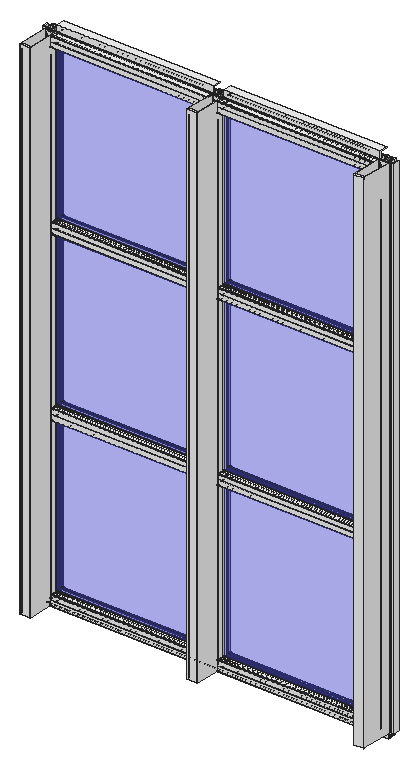
Revit family "Facade_60_Curtain_Wall_E23_Custom", category Windows, host Wall, Revit 2014 (continued)
Definition of nested family "F60 Vertical Profile Side_E23_Cust"
  Automatic sketch dimensions
    plane 3 "Center (Left/Right)" to Extrusion 5 sketch curve = 1.051 mm
    Extrusion 5 sketch curve to Extrusion 5 sketch curve = 0.469 mm  (x2)
    Extrusion 5 sketch curve to Extrusion 5 sketch curve = 1.079 mm
    Extrusion 5 sketch curve to Extrusion 5 sketch curve = 1.317 mm  (x2)
    Extrusion 5 sketch curve to Extrusion 5 sketch curve = 0 mm  (x3)
    plane 3 "Center (Left/Right)" to Extrusion 5 sketch curve = 3.851 mm
    Extrusion 5 sketch curve to Extrusion 5 sketch curve = 0.15 mm  (x2)
    Extrusion 5 sketch curve to Extrusion 5 sketch curve = 26 mm  (x2)
    Extrusion 5 sketch curve to Extrusion 5 sketch curve = 1.05 mm
    plane 1 "Center (Front/Back)" to Extrusion 5 sketch curve = 16.772 mm
    Extrusion 5 sketch curve to Extrusion 5 sketch curve = 0.707 mm
    Extrusion 5 sketch curve to Extrusion 5 sketch curve = 0.433 mm
    plane 1 "Center (Front/Back)" to Extrusion 5 sketch curve = 17.298 mm
    plane 1 "Center (Front/Back)" to Extrusion 5 sketch curve = 14.076 mm
    Extrusion 5 sketch curve to Extrusion 5 sketch curve = 0.5 mm  (x2)
    plane 1 "Center (Front/Back)" to Extrusion 5 sketch curve = 18.761 mm
    Extrusion 5 sketch curve to Extrusion 5 sketch curve = 0.1 mm  (x3)
    Extrusion 5 sketch curve to Extrusion 5 sketch curve = 1.1 mm  (x2)
    Extrusion 5 sketch curve to Extrusion 5 sketch curve = 8.608 mm
    Extrusion 5 sketch curve to Extrusion 5 sketch curve = 0.962 mm
    Extrusion 6 sketch curve to plane 3 "Center (Left/Right)" = 0 mm
    plane 3 "Center (Left/Right)" to Extrusion 6 sketch curve = 1 mm
    plane 3 "Center (Left/Right)" to Extrusion 6 sketch curve = 1.65 mm
    plane 3 "Center (Left/Right)" to Extrusion 6 sketch curve = 1.85 mm
    Extrusion 6 sketch curve to Extrusion 6 sketch curve = 10.317 mm  (x3)
    Extrusion 6 sketch curve to Extrusion 6 sketch curve = 1.833 mm  (x4)
    Extrusion 6 sketch curve to Extrusion 6 sketch curve = 0.02 mm  (x2)
    Extrusion 6 sketch curve to plane 1 "Center (Front/Back)" = 13 mm
    Extrusion 6 sketch curve to Extrusion 6 sketch curve = 31.961 mm
    Extrusion 6 sketch curve to Extrusion 6 sketch curve = 32 mm
    Extrusion 6 sketch curve to Extrusion 6 sketch curve = 0.2 mm  (x5)
    Extrusion 6 sketch curve to Extrusion 6 sketch curve = 0.85 mm
    Extrusion 6 sketch curve to Extrusion 6 sketch curve = 1.65 mm
    Extrusion 6 sketch curve to Extrusion 6 sketch curve = 1 mm  (x8)
    Extrusion 6 sketch curve to Extrusion 6 sketch curve = 1.944 mm
    Extrusion 6 sketch curve to Extrusion 6 sketch curve = 4.656 mm  (x2)
    Extrusion 6 sketch curve to Extrusion 6 sketch curve = 82.1 mm
    Extrusion 6 sketch curve to Extrusion 6 sketch curve = 2.5 mm
    Extrusion 7 sketch curve to plane 3 "Center (Left/Right)" = 0 mm
    Extrusion 7 sketch curve to Extrusion 7 sketch curve = 1 mm  (x3)
    plane 3 "Center (Left/Right)" to Extrusion 7 sketch curve = 1.65 mm
    plane 3 "Center (Left/Right)" to Extrusion 7 sketch curve = 2.35 mm
    Extrusion 7 sketch curve to Extrusion 7 sketch curve = 0.6 mm  (x3)
    Extrusion 7 sketch curve to Extrusion 7 sketch curve = 9.217 mm  (x2)
    Extrusion 7 sketch curve to Extrusion 7 sketch curve = 1.833 mm  (x2)
    Extrusion 7 sketch curve to Extrusion 7 sketch curve = 32 mm
    Extrusion 7 sketch curve to plane 1 "Center (Front/Back)" = 15 mm
    Extrusion 7 sketch curve to Extrusion 7 sketch curve = 54.1 mm
    Extrusion 7 sketch curve to Extrusion 7 sketch curve = 1.3 mm
    Extrusion 7 sketch curve to Extrusion 7 sketch curve = 1.95 mm
    Extrusion 7 sketch curve to Extrusion 7 sketch curve = 1.65 mm
    Extrusion 7 sketch curve to Extrusion 7 sketch curve = 4.987 mm
    Extrusion 7 sketch curve to Extrusion 7 sketch curve = 4.813 mm
    Extrusion 7 sketch curve to Extrusion 7 sketch curve = 4.812 mm
    Extrusion 7 sketch curve to Extrusion 7 sketch curve = 137.5 mm
    Extrusion 7 sketch curve to Extrusion 7 sketch curve = 0.2 mm  (x2)
    Extrusion 7 sketch curve to Extrusion 7 sketch curve = 0.4 mm  (x2)
    Extrusion 7 sketch curve to Extrusion 7 sketch curve = 4.5 mm
    Extrusion 8 sketch curve to plane 3 "Center (Left/Right)" = 0 mm
    Extrusion 8 sketch curve to Extrusion 8 sketch curve = 1 mm  (x3)
    plane 3 "Center (Left/Right)" to Extrusion 8 sketch curve = 1.65 mm
    plane 3 "Center (Left/Right)" to Extrusion 8 sketch curve = 2.75 mm
    Extrusion 8 sketch curve to Extrusion 8 sketch curve = 0.8 mm  (x2)
    Extrusion 8 sketch curve to Extrusion 8 sketch curve = 52.5 mm
    Extrusion 8 sketch curve to plane 1 "Center (Front/Back)" = 15.1 mm
    Extrusion 8 sketch curve to Extrusion 8 sketch curve = 52.9 mm
    Extrusion 8 sketch curve to Extrusion 8 sketch curve = 1.9 mm
    Extrusion 8 sketch curve to Extrusion 8 sketch curve = 2.75 mm
    Extrusion 8 sketch curve to Extrusion 8 sketch curve = 4.444 mm
    Extrusion 8 sketch curve to Extrusion 8 sketch curve = 4.656 mm  (x2)
    Extrusion 8 sketch curve to Extrusion 8 sketch curve = 163.2 mm
    Extrusion 8 sketch curve to Extrusion 8 sketch curve = 9.5 mm
    plane 3 "Center (Left/Right)" to Extrusion 9 sketch curve = 25.249 mm
    Extrusion 9 sketch curve to Extrusion 9 sketch curve = 0.5 mm  (x4)
    Extrusion 9 sketch curve to Extrusion 9 sketch curve = 1.1 mm
    plane 1 "Center (Front/Back)" to Extrusion 9 sketch curve = 11.356 mm  (x2)
    Extrusion 9 sketch curve to Extrusion 9 sketch curve = 0.293 mm  (x2)
    Extrusion 9 sketch curve to Extrusion 9 sketch curve = 1.896 mm
    Extrusion 9 sketch curve to Extrusion 9 sketch curve = 1.922 mm
    Extrusion 9 sketch curve to Extrusion 9 sketch curve = 1 mm  (x2)
    Extrusion 9 sketch curve to Extrusion 9 sketch curve = 0.7 mm
    Extrusion 9 sketch curve to Extrusion 9 sketch curve = 0.808 mm
    Extrusion 9 sketch curve to plane 1 "Center (Front/Back)" = 2.272 mm  (x2)
    Extrusion 9 sketch curve to Extrusion 9 sketch curve = 0.303 mm
    Extrusion 9 sketch curve to plane 1 "Center (Front/Back)" = 1.745 mm
    Extrusion 9 sketch curve to Extrusion 9 sketch curve = 0.356 mm
    plane 1 "Center (Front/Back)" to Extrusion 9 sketch curve = 9.206 mm  (x2)
    Extrusion 9 sketch curve to Extrusion 9 sketch curve = 1.647 mm
    Extrusion 9 sketch curve to Extrusion 9 sketch curve = 0.701 mm
    Extrusion 9 sketch curve to Extrusion 9 sketch curve = 0.992 mm
    Extrusion 9 sketch curve to Extrusion 9 sketch curve = 0.003 mm
    Extrusion 9 sketch curve to Extrusion 9 sketch curve = 0.002 mm
    Extrusion 9 sketch curve to Extrusion 9 sketch curve = 0.004 mm
    Extrusion 9 sketch curve to Extrusion 9 sketch curve = 0.708 mm
    Extrusion 9 sketch curve to plane 1 "Center (Front/Back)" = 1.946 mm
    Extrusion 9 sketch curve to Extrusion 9 sketch curve = 0.899 mm
    Extrusion 9 sketch curve to Extrusion 9 sketch curve = 0.444 mm
    Extrusion 9 sketch curve to Extrusion 9 sketch curve = 3.038 mm
    Extrusion 9 sketch curve to plane 1 "Center (Front/Back)" = 0.385 mm  (x2)
    Extrusion 9 sketch curve to Extrusion 9 sketch curve = 0.756 mm
    Extrusion 9 sketch curve to Extrusion 9 sketch curve = 2.153 mm
    Extrusion 9 sketch curve to Extrusion 9 sketch curve = 0.631 mm
    Extrusion 9 sketch curve to Extrusion 9 sketch curve = 0.807 mm
    Extrusion 9 sketch curve to Extrusion 9 sketch curve = 1.646 mm
    Extrusion 9 sketch curve to Extrusion 9 sketch curve = 0.707 mm
    Extrusion 9 sketch curve to Extrusion 9 sketch curve = 1.393 mm
    Extrusion 9 sketch curve to Extrusion 9 sketch curve = 1.923 mm
    Extrusion 9 sketch curve to Extrusion 9 sketch curve = 11.937 mm
    Extrusion 9 sketch curve to Extrusion 9 sketch curve = 1.6 mm
    Extrusion 9 sketch curve to Extrusion 9 sketch curve = 0.9 mm  (x2)
    Extrusion 9 sketch curve to Extrusion 9 sketch curve = 1.356 mm  (x2)
    Extrusion 9 sketch curve to Extrusion 9 sketch curve = 0.714 mm
    Extrusion 9 sketch curve to Extrusion 9 sketch curve = 0.02 mm
    Extrusion 9 sketch curve to Extrusion 9 sketch curve = 0.399 mm
    Extrusion 9 sketch curve to Extrusion 9 sketch curve = 2.224 mm
    Extrusion 9 sketch curve to Extrusion 9 sketch curve = 0.448 mm
    Extrusion 9 sketch curve to plane 1 "Center (Front/Back)" = 0.198 mm
    Extrusion 9 sketch curve to plane 1 "Center (Front/Back)" = 0.201 mm
    Extrusion 9 sketch curve to Extrusion 9 sketch curve = 0.032 mm
    Extrusion 9 sketch curve to Extrusion 9 sketch curve = 0 mm
    plane 3 "Center (Left/Right)" to Extrusion 10 sketch curve = 1.014 mm
    Extrusion 10 sketch curve to Extrusion 10 sketch curve = 0.469 mm  (x2)
    plane 3 "Center (Left/Right)" to Extrusion 10 sketch curve = 1.706 mm
    Extrusion 10 sketch curve to Extrusion 10 sketch curve = 1.079 mm
    Extrusion 10 sketch curve to Extrusion 10 sketch curve = 0.864 mm
    Extrusion 10 sketch curve to Extrusion 10 sketch curve = 1.15 mm  (x4)
    Extrusion 10 sketch curve to Extrusion 10 sketch curve = 3.2 mm  (x2)
    Extrusion 10 sketch curve to Extrusion 10 sketch curve = 3.031 mm  (x2)
    Extrusion 10 sketch curve to Extrusion 10 sketch curve = 0.6 mm  (x3)
    Extrusion 10 sketch curve to Extrusion 10 sketch curve = 15.584 mm  (x2)
    Extrusion 10 sketch curve to Extrusion 10 sketch curve = 0.808 mm  (x2)
    Extrusion 10 sketch curve to Extrusion 10 sketch curve = 3.038 mm
    Extrusion 10 sketch curve to Extrusion 10 sketch curve = 0.865 mm
    Extrusion 10 sketch curve to Extrusion 10 sketch curve = 1.25 mm  (x5)
    Extrusion 10 sketch curve to Extrusion 10 sketch curve = 0.61 mm
    plane 1 "Center (Front/Back)" to Extrusion 10 sketch curve = 31.288 mm
    Extrusion 10 sketch curve to Extrusion 10 sketch curve = 0.362 mm
    plane 1 "Center (Front/Back)" to Extrusion 10 sketch curve = 31.65 mm
    Extrusion 10 sketch curve to Extrusion 10 sketch curve = 0.962 mm
    Extrusion 10 sketch curve to Extrusion 10 sketch curve = 0.85 mm
    Extrusion 10 sketch curve to Extrusion 10 sketch curve = 0.512 mm  (x2)
    Extrusion 10 sketch curve to Extrusion 10 sketch curve = 0.4 mm  (x2)
    Extrusion 10 sketch curve to Extrusion 10 sketch curve = 1 mm
    Extrusion 10 sketch curve to Extrusion 10 sketch curve = 2.8 mm
    Extrusion 10 sketch curve to Extrusion 10 sketch curve = 0 mm  (x2)
    Extrusion 10 sketch curve to Extrusion 10 sketch curve = 1.4 mm
    Extrusion 10 sketch curve to Extrusion 10 sketch curve = 0.539 mm  (x2)
    plane 1 "Center (Front/Back)" to Extrusion 10 sketch curve = 28.864 mm
    Extrusion 11 sketch curve to plane 3 "Center (Left/Right)" = 0 mm
    plane 3 "Center (Left/Right)" to Extrusion 11 sketch curve = 0.65 mm
    Extrusion 11 sketch curve to Extrusion 11 sketch curve = 0.128 mm  (x2)
    plane 3 "Center (Left/Right)" to Extrusion 11 sketch curve = 1.014 mm
    plane 3 "Center (Left/Right)" to Extrusion 11 sketch curve = 1.05 mm
    Extrusion 11 sketch curve to Extrusion 11 sketch curve = 0.469 mm  (x2)
    Extrusion 11 sketch curve to Extrusion 11 sketch curve = 1.079 mm
    Extrusion 11 sketch curve to Extrusion 11 sketch curve = 1.317 mm  (x2)
    Extrusion 11 sketch curve to Extrusion 11 sketch curve = 0 mm  (x3)
    plane 3 "Center (Left/Right)" to Extrusion 11 sketch curve = 3.85 mm
    Extrusion 11 sketch curve to Extrusion 11 sketch curve = 0.15 mm  (x2)
    Extrusion 11 sketch curve to Extrusion 11 sketch curve = 26 mm  (x2)
    Extrusion 11 sketch curve to Extrusion 11 sketch curve = 1.05 mm
    Extrusion 11 sketch curve to Extrusion 11 sketch curve = 0.707 mm
    Extrusion 11 sketch curve to Extrusion 11 sketch curve = 0.433 mm
    plane 1 "Center (Front/Back)" to Extrusion 11 sketch curve = 31.288 mm
    plane 1 "Center (Front/Back)" to Extrusion 11 sketch curve = 28.065 mm
    Extrusion 11 sketch curve to Extrusion 11 sketch curve = 1.314 mm
    Extrusion 11 sketch curve to Extrusion 11 sketch curve = 0.65 mm
    Extrusion 11 sketch curve to Extrusion 11 sketch curve = 0.5 mm  (x2)
    plane 1 "Center (Front/Back)" to Extrusion 11 sketch curve = 32.75 mm
    Extrusion 11 sketch curve to Extrusion 11 sketch curve = 0.1 mm  (x3)
    Extrusion 11 sketch curve to Extrusion 11 sketch curve = 1.1 mm  (x2)
    Extrusion 11 sketch curve to Extrusion 11 sketch curve = 8.608 mm
    Extrusion 11 sketch curve to Extrusion 11 sketch curve = 0.962 mm
    Extrusion 12 sketch curve to plane 3 "Center (Left/Right)" = 21.349 mm
    Extrusion 12 sketch curve to Extrusion 12 sketch curve = 6.35 mm
    plane 3 "Center (Left/Right)" to Extrusion 12 sketch curve = 10.403 mm
    plane 1 "Center (Front/Back)" to Extrusion 12 sketch curve = 35.567 mm
    plane 1 "Center (Front/Back)" to Extrusion 12 sketch curve = 10.171 mm
    plane 1 "Center (Front/Back)" to Extrusion 12 sketch curve = 3.821 mm
    Extrusion 13 sketch curve to plane 3 "Center (Left/Right)" = 21.35 mm
    Extrusion 13 sketch curve to Extrusion 13 sketch curve = 6.35 mm
    plane 3 "Center (Left/Right)" to Extrusion 13 sketch curve = 10.402 mm
    plane 1 "Center (Front/Back)" to Extrusion 13 sketch curve = 33.172 mm
    plane 1 "Center (Front/Back)" to Extrusion 13 sketch curve = 7.775 mm
    plane 1 "Center (Front/Back)" to Extrusion 13 sketch curve = 1.425 mm
    Extrusion 14 sketch curve to plane 3 "Center (Left/Right)" = 0 mm
    plane 3 "Center (Left/Right)" to Extrusion 14 sketch curve = 1.2 mm
    Extrusion 14 sketch curve to Extrusion 14 sketch curve = 9.6 mm
    Extrusion 14 sketch curve to Extrusion 14 sketch curve = 1.2 mm  (x3)
    plane 1 "Center (Front/Back)" to Extrusion 14 sketch curve = 25.775 mm
    plane 1 "Center (Front/Back)" to Extrusion 14 sketch curve = 8.975 mm
    curve 4 to Extrusion 6 = 0 mm
    curve 3 to Extrusion 6 = 0 mm
    curve 1 to Extrusion 6 = 0 mm
    curve 4 to Extrusion 6 = 3.6 mm
    curve 3 to Extrusion 6 = 3.6 mm
    curve 1 to Extrusion 6 = 3.6 mm
    Extrusion 6 to curve 2 = 1 mm
    Extrusion 6 to curve 5 = 1 mm
    Extrusion 6 to curve 6 = 1 mm
    curve 6 to Extrusion 6 = 1 mm
    curve 5 to Extrusion 6 = 1 mm
    curve 2 to Extrusion 6 = 1 mm
    curve 9 to Extrusion 6 = 0 mm
    curve 8 to Extrusion 6 = 0 mm
    curve 7 to Extrusion 6 = 0 mm
    Extrusion 6 to curve 8 = 3.6 mm
    Extrusion 6 to curve 9 = 3.6 mm
    Extrusion 6 to curve 7 = 3.6 mm
    curve 12 to Extrusion 5 = 25.894 mm
    curve 11 to Extrusion 5 = 25.894 mm
    curve 10 to Extrusion 5 = 25.894 mm
    curve 10 to Extrusion 5 = 0.108 mm
    Extrusion 5 to curve 12 = 0.703 mm
    Extrusion 5 to curve 11 = 0.703 mm
    curve 13 to Extrusion 5 = 4 mm
    curve 14 to Extrusion 5 = 4 mm
    curve 15 to Extrusion 5 = 4 mm
    Extrusion 5 to curve 15 = 0.702 mm
    Extrusion 5 to curve 14 = 0.702 mm
    Extrusion 5 to curve 13 = 0.702 mm
    curve 18 to Extrusion 7 = 0 mm
    curve 17 to Extrusion 7 = 0 mm
    curve 16 to Extrusion 7 = 0 mm
    Extrusion 7 to curve 17 = 3.6 mm
    Extrusion 7 to curve 18 = 3.6 mm
    Extrusion 7 to curve 16 = 3.6 mm
    Extrusion 7 to curve 21 = 1 mm  (x2)
    Extrusion 7 to curve 20 = 1 mm  (x2)
    Extrusion 7 to curve 19 = 1 mm  (x2)
    curve 24 to Extrusion 7 = 0 mm
    curve 23 to Extrusion 7 = 0 mm
    curve 22 to Extrusion 7 = 0 mm
    curve 24 to Extrusion 7 = 3.6 mm
    curve 23 to Extrusion 7 = 3.6 mm
    curve 22 to Extrusion 7 = 3.6 mm
    curve 27 to Extrusion 8 = 0 mm
    curve 26 to Extrusion 8 = 0 mm
    curve 25 to Extrusion 8 = 0 mm
    Extrusion 8 to curve 26 = 3.6 mm
    Extrusion 8 to curve 27 = 3.6 mm
    Extrusion 8 to curve 25 = 3.6 mm
    Extrusion 8 to curve 30 = 0.221 mm
    Extrusion 8 to curve 29 = 0.221 mm
    Extrusion 8 to curve 28 = 0.221 mm
    curve 29 to Extrusion 8 = 0.222 mm
    curve 30 to Extrusion 8 = 0.222 mm
    curve 28 to Extrusion 8 = 0.222 mm
    curve 33 to Extrusion 8 = 0 mm
    curve 32 to Extrusion 8 = 0 mm
    curve 31 to Extrusion 8 = 0 mm
    curve 33 to Extrusion 8 = 3.6 mm
    curve 32 to Extrusion 8 = 3.6 mm
    curve 31 to Extrusion 8 = 3.6 mm
    curve 34 to Extrusion 11 = 4.016 mm
    curve 35 to Extrusion 11 = 4.016 mm
    curve 36 to Extrusion 11 = 3.97 mm
    Extrusion 11 to curve 36 = 0.637 mm
    Extrusion 11 to curve 35 = 0.637 mm
    Extrusion 11 to curve 34 = 0.637 mm
    curve 37 to Extrusion 11 = 29.221 mm
    curve 38 to Extrusion 11 = 29.221 mm
    curve 39 to Extrusion 11 = 29.221 mm
    Extrusion 11 to curve 39 = 3.222 mm
    Extrusion 11 to curve 38 = 3.222 mm
    Extrusion 11 to curve 37 = 3.222 mm
Definition of nested family "F60 Horizontal Profile Top_E23_Cust"
  Parameters (values of type "F60 Horizontal Profile Top")
    Thermal Break Material [instance] = none
    Single Glazing [instance] = yes
    Profile Material [instance] = none
    Length [instance] = 250 mm
    Double Glazing [instance] = yes
  Reference planes
    plane 1 "Center (Front/Back)": y = 0
    plane 2: z = 0
    plane 3 "Center (Left/Right)": x = 0
  Forms (mm)
    Extrusion 1, solid, material <- "Profile Material"
      sketch origin (0, 0, 0) x (0, 1, 0) y (0, 0, 1)
        loop
          line (-9.94, 7.845) -> (-8.37, 6.275) -> (-1.2, 10.415) -> (-1.2, 1.2) -> (-5, 1.2) -> (-5, 0) -> (-1, 0)
          arc (-1, 0) -> (-0.293, 0.293) -> (0, 1) r 1
          line (0, 1) -> (0, 30) -> (0, 59)
          arc (0, 59) -> (-0.293, 59.707) -> (-1, 60) r 1
          line (-1, 60) -> (-5, 60) -> (-5, 58.8) -> (-1.2, 58.8) -> (-1.2, 49.585) -> (-8.37, 53.725) -> (-9.94, 52.155)
          arc (-9.94, 52.155) -> (-9.902, 51.269) -> (-9.016, 51.232) r 0.655
          line (-9.016, 51.232) -> (-8.077, 52.17) -> (-1.2, 48.2) -> (-1.2, 30) -> (-1.2, 11.8) -> (-8.077, 7.83) -> (-9.016, 8.768)
          arc (-9.016, 8.768) -> (-9.902, 8.731) -> (-9.94, 7.845) r 0.655
      from 0 to 250 <- "Length"
    Extrusion 2, solid, material <- "Profile Material"
      sketch origin (0, 0, 0) x (0, 1, 0) y (0, 0, 1)
        loop
          line (-5, 60) -> (-44.6, 60) -> (-44.6, 58.35) -> (-39.944, 58.35) -> (-39.944, 1.65) -> (-44.6, 1.65) -> (-44.6, 0) -> (-5, 0) -> (-5, 2.2) -> (-4.2, 2.2) -> (-4.2, 3.018)
          arc (-4.2, 3.018) -> (-4.352, 3.783) -> (-4.786, 4.432) r 2
          line (-4.786, 4.432) -> (-7.054, 6.7) -> (-8, 6.489) -> (-8, 5.7) -> (-7.205, 5.7) -> (-7.205, 2.95) -> (-8, 2.95) -> (-8, 1.95) -> (-12.752, 1.95) -> (-12.752, 6.7) -> (-14.152, 6.7) -> (-14.152, 1.65) -> (-38.65, 1.65) -> (-38.65, 8.33) -> (-37.097, 8.33) -> (-34.666, 6.973)
          arc (-34.666, 6.973) -> (-33.846, 7.192) -> (-34.066, 8.012) r 0.6
          line (-34.066, 8.012) -> (-37.128, 9.78) -> (-38.65, 9.78) -> (-38.65, 12.65) -> (-37.6, 13.7) -> (-37.6, 20.3) -> (-38.65, 21.35) -> (-38.65, 38.65) -> (-37.6, 39.7) -> (-37.6, 46.3) -> (-38.65, 47.35) -> (-38.65, 50.22) -> (-37.128, 50.22) -> (-34.066, 51.988)
          arc (-34.066, 51.988) -> (-33.846, 52.808) -> (-34.666, 53.027) r 0.6
          line (-34.666, 53.027) -> (-37.032, 51.661) -> (-38.65, 51.661) -> (-38.65, 58.35) -> (-14.152, 58.35) -> (-14.152, 53.3) -> (-12.752, 53.3) -> (-12.752, 58.05) -> (-8, 58.05) -> (-8, 57.05) -> (-7.205, 57.05) -> (-7.205, 54.3) -> (-8, 54.3) -> (-8, 53.511) -> (-7.054, 53.3) -> (-4.786, 55.568)
          arc (-4.786, 55.568) -> (-4.352, 56.217) -> (-4.2, 56.982) r 2
          line (-4.2, 56.982) -> (-4.2, 57.8) -> (-5, 57.8) -> (-5, 60)
      from 0 to 250 <- "Length"
    Extrusion 3, solid, material <- "Thermal Break Material"
      sketch origin (0, 0, 0) x (0, 1, 0) y (0, 0, 1)
        loop
          line (-40, 1.75) -> (-40, 30) -> (-40, 58.25) -> (-44.6, 58.25) -> (-44.6, 60) -> (-45.9, 60) -> (-45.9, 53.65) -> (-41.788, 53.65)
          arc (-41.788, 53.65) -> (-41.363, 53.474) -> (-41.187, 53.05) r 0.6
          line (-41.187, 53.05) -> (-41.187, 30) -> (-41.187, 6.95)
          arc (-41.187, 6.95) -> (-41.363, 6.526) -> (-41.788, 6.35) r 0.6
          line (-41.788, 6.35) -> (-45.9, 6.35) -> (-45.9, 0) -> (-44.6, 0) -> (-44.6, 1.75) -> (-40, 1.75)
      from 0 to 250 <- "Length"
    Extrusion 4, solid, material <- "Profile Material"
      sketch origin (0, 0, 0) x (0, 1, 0) y (0, 0, 1)
        loop
          line (-58.5, 25.249) -> (-43.6, 25.249)
          arc (-43.6, 25.249) -> (-43.034, 25.015) -> (-42.8, 24.449) r 0.8
          line (-42.8, 24.449) -> (-42.8, 7.9) -> (-44.4, 7.9) -> (-44.4, 9.45) -> (-45.25, 9.45)
          arc (-45.25, 9.45) -> (-45.674, 9.274) -> (-45.85, 8.85) r 0.6
          line (-45.85, 8.85) -> (-45.85, 7.9) -> (-48.8, 7.9)
          arc (-48.8, 7.9) -> (-49.3, 8.4) -> (-49.8, 7.9) r 0.5
          line (-49.8, 7.9) -> (-49.8, 5.55) -> (-48.65, 5.55) -> (-48.65, 6.7) -> (-47.35, 6.7) -> (-47.35, 1.2) -> (-48.65, 1.2) -> (-48.65, 2.35) -> (-49.8, 2.35) -> (-49.8, 0.5)
          arc (-49.8, 0.5) -> (-49.654, 0.146) -> (-49.3, 0) r 0.5
          line (-49.3, 0) -> (-45.9, 0) -> (-45.9, 6.45) -> (-42.2, 6.45)
          arc (-42.2, 6.45) -> (-41.634, 6.684) -> (-41.4, 7.25) r 0.8
          line (-41.4, 7.25) -> (-41.4, 30) -> (-41.4, 52.75)
          arc (-41.4, 52.75) -> (-41.634, 53.316) -> (-42.2, 53.55) r 0.8
          line (-42.2, 53.55) -> (-45.9, 53.55) -> (-45.9, 60) -> (-49.3, 60)
          arc (-49.3, 60) -> (-49.654, 59.854) -> (-49.8, 59.5) r 0.5
          line (-49.8, 59.5) -> (-49.8, 57.65) -> (-48.65, 57.65) -> (-48.65, 58.8) -> (-47.35, 58.8) -> (-47.35, 53.3) -> (-48.65, 53.3) -> (-48.65, 54.45) -> (-49.8, 54.45) -> (-49.8, 52.1)
          arc (-49.8, 52.1) -> (-49.3, 51.6) -> (-48.8, 52.1) r 0.5
          line (-48.8, 52.1) -> (-45.85, 52.1) -> (-45.85, 51.15)
          arc (-45.85, 51.15) -> (-45.674, 50.726) -> (-45.25, 50.55) r 0.6
          line (-45.25, 50.55) -> (-44.4, 50.55) -> (-44.4, 52.1) -> (-42.8, 52.1) -> (-42.8, 35.551)
          arc (-42.8, 35.551) -> (-43.034, 34.985) -> (-43.6, 34.751) r 0.8
          line (-43.6, 34.751) -> (-58.5, 34.751)
          arc (-58.5, 34.751) -> (-59.066, 34.516) -> (-59.3, 33.951) r 0.8
          line (-59.3, 33.951) -> (-59.3, 32.902) -> (-42.8, 32.902) -> (-42.8, 27.1) -> (-59.3, 27.1) -> (-59.3, 26.049)
          arc (-59.3, 26.049) -> (-59.066, 25.484) -> (-58.5, 25.249) r 0.8
      from 0 to 250 <- "Length"
    Extrusion 5, solid, material <- "Thermal Break Material", visible <- "Single Glazing"
      sketch origin (0, 0, 0) x (0, 1, 0) y (0, 0, 1)
        loop
          arc (-63.8, 25.751) -> (-63.654, 25.397) -> (-63.3, 25.251) r 0.5
          line (-63.3, 25.251) -> (-59.8, 25.251)
          arc (-59.8, 25.251) -> (-59.446, 25.397) -> (-59.3, 25.751) r 0.5
          line (-59.3, 25.751) -> (-59.3, 27.648) -> (-49.599, 27.648) -> (-47.528, 28.651)
          arc (-47.528, 28.651) -> (-46.803, 30.001) -> (-47.528, 31.351) r 1.62
          line (-47.528, 31.351) -> (-49.599, 32.353) -> (-59.3, 32.353) -> (-59.3, 34.251)
          arc (-59.3, 34.251) -> (-59.446, 34.604) -> (-59.8, 34.751) r 0.5
          line (-59.8, 34.751) -> (-63.3, 34.751)
          arc (-63.3, 34.751) -> (-63.654, 34.604) -> (-63.8, 34.251) r 0.5
          line (-63.8, 34.251) -> (-63.8, 32.328) -> (-62.4, 31.52) -> (-62.4, 28.483) -> (-63.8, 27.673) -> (-63.8, 25.751)
        loop
          line (-59.794, 28.506) -> (-59.006, 29.294)
          arc (-59.006, 29.294) -> (-58.788, 29.618) -> (-58.713, 30.001) r 0.986
          arc (-58.713, 30.001) -> (-58.79, 30.384) -> (-59.008, 30.71) r 1.007
          line (-59.008, 30.71) -> (-59.794, 31.496) -> (-60.65, 31.496)
          arc (-60.65, 31.496) -> (-61.004, 31.349) -> (-61.15, 30.996) r 0.5
          line (-61.15, 30.996) -> (-61.15, 29.006)
          arc (-61.15, 29.006) -> (-61.004, 28.652) -> (-60.65, 28.506) r 0.5
          line (-60.65, 28.506) -> (-59.794, 28.506)
        loop
          line (-47.854, 30.898) -> (-49.415, 31.653) -> (-56.782, 31.653)
          arc (-56.782, 31.653) -> (-57.207, 31.417) -> (-57.23, 30.932) r 0.5
          arc (-57.23, 30.932) -> (-57.013, 30.001) -> (-57.23, 29.07) r 2.099
          arc (-57.23, 29.07) -> (-57.207, 28.584) -> (-56.782, 28.348) r 0.5
          line (-56.782, 28.348) -> (-49.415, 28.348) -> (-48.055, 29.007)
          arc (-48.055, 29.007) -> (-47.35, 29.888) -> (-47.854, 30.898) r 1.047
      from 0 to 250 <- "Length"
    Extrusion 6, solid, material <- "Profile Material", visible <- "Single Glazing"
      sketch origin (0, 0, 0) x (0, 1, 0) y (0, 0, 1)
        loop
          line (-63.8, 52.694) -> (-64.8, 52.694) -> (-64.8, 51.544) -> (-66.05, 51.544) -> (-66.05, 57.044) -> (-64.8, 57.044) -> (-64.8, 55.894) -> (-63.8, 55.894) -> (-63.8, 58.294)
          arc (-63.8, 58.294) -> (-64.082, 58.803) -> (-64.664, 58.835) r 0.6
          line (-64.664, 58.835) -> (-66.562, 57.91) -> (-67.088, 58.988) -> (-68.05, 58.519) -> (-68.05, 48.513)
          arc (-68.05, 48.513) -> (-67.874, 48.089) -> (-67.45, 47.913) r 0.6
          line (-67.45, 47.913) -> (-66.6, 47.913) -> (-66.6, 12.09) -> (-67.45, 12.09)
          arc (-67.45, 12.09) -> (-67.874, 11.914) -> (-68.05, 11.49) r 0.6
          line (-68.05, 11.49) -> (-68.05, 1.485) -> (-67.088, 1.016) -> (-66.562, 2.095) -> (-64.663, 1.169)
          arc (-64.663, 1.169) -> (-64.082, 1.2) -> (-63.8, 1.709) r 0.6
          line (-63.8, 1.709) -> (-63.8, 4.109) -> (-64.8, 4.109) -> (-64.8, 2.959) -> (-66.05, 2.959) -> (-66.05, 8.459) -> (-64.8, 8.459) -> (-64.8, 7.309) -> (-63.8, 7.309) -> (-63.8, 27.674) -> (-62.4, 28.483) -> (-62.4, 31.521) -> (-63.8, 32.329) -> (-63.8, 52.694)
      from 0 to 250 <- "Length"
    Extrusion 7, solid, material <- "Profile Material", visible <- "Single Glazing"
      sketch origin (0, 0, 0) x (0, 1, 0) y (0, 0, 1)
        loop
          line (-68.551, 3.3) -> (-76.559, 3.3) -> (-76.559, 30) -> (-76.559, 56.15)
          arc (-76.559, 56.15) -> (-75.739, 58.13) -> (-73.759, 58.95) r 2.8
          line (-73.759, 58.95) -> (-69.151, 58.95) -> (-69.151, 57.2)
          arc (-69.151, 57.2) -> (-68.987, 56.829) -> (-68.601, 56.703) r 0.5
          arc (-68.601, 56.703) -> (-68.216, 56.829) -> (-68.051, 57.2) r 0.5
          line (-68.051, 57.2) -> (-68.051, 58.517) -> (-67.089, 58.986) -> (-66.563, 57.907) -> (-63.866, 59.222)
          arc (-63.866, 59.222) -> (-64.001, 59.762) -> (-64.504, 60) r 0.65
          line (-64.504, 60) -> (-73.859, 60)
          arc (-73.859, 60) -> (-76.687, 58.828) -> (-77.859, 56) r 4
          line (-77.859, 56) -> (-77.859, 30) -> (-77.859, 2.493)
          arc (-77.859, 2.493) -> (-77.197, 0.799) -> (-75.562, 0.002) r 2.5
          arc (-75.562, 0.002) -> (-75.182, 0.132) -> (-75.021, 0.5) r 0.5
          line (-75.021, 0.5) -> (-75.021, 2) -> (-69.151, 2) -> (-69.151, 0.5)
          arc (-69.151, 0.5) -> (-69.005, 0.146) -> (-68.651, 0) r 0.5
          line (-68.651, 0) -> (-64.504, 0)
          arc (-64.504, 0) -> (-64.001, 0.238) -> (-63.866, 0.778) r 0.65
          line (-63.866, 0.778) -> (-66.563, 2.093) -> (-67.089, 1.014) -> (-68.051, 1.483) -> (-68.051, 2.8)
          arc (-68.051, 2.8) -> (-68.198, 3.154) -> (-68.551, 3.3) r 0.5
      from 0 to 250 <- "Length"
    Extrusion 8, solid, material <- "Thermal Break Material", visible <- "Double Glazing"
      sketch origin (0, 0, 0) x (0, 1, 0) y (0, 0, 1)
        loop
          line (-77.8, 27.673) -> (-77.8, 25.751)
          arc (-77.8, 25.751) -> (-77.654, 25.397) -> (-77.3, 25.251) r 0.5
          line (-77.3, 25.251) -> (-59.8, 25.251)
          arc (-59.8, 25.251) -> (-59.446, 25.397) -> (-59.3, 25.751) r 0.5
          line (-59.3, 25.751) -> (-59.3, 27.647) -> (-49.599, 27.647) -> (-47.528, 28.649)
          arc (-47.528, 28.649) -> (-46.803, 29.999) -> (-47.528, 31.349) r 1.62
          line (-47.528, 31.349) -> (-49.602, 32.353) -> (-59.3, 32.353) -> (-59.3, 34.251)
          arc (-59.3, 34.251) -> (-59.446, 34.604) -> (-59.8, 34.751) r 0.5
          line (-59.8, 34.751) -> (-77.3, 34.751)
          arc (-77.3, 34.751) -> (-77.654, 34.604) -> (-77.8, 34.251) r 0.5
          line (-77.8, 34.251) -> (-77.8, 32.327) -> (-76.4, 31.52) -> (-76.4, 28.482) -> (-77.8, 27.673)
        loop
          line (-59.006, 30.708) -> (-61.156, 32.858)
          arc (-61.156, 32.858) -> (-61.48, 33.074) -> (-61.863, 33.151) r 1
          line (-61.863, 33.151) -> (-73.8, 33.151)
          arc (-73.8, 33.151) -> (-74.507, 32.858) -> (-74.8, 32.151) r 1
          line (-74.8, 32.151) -> (-74.8, 27.851)
          arc (-74.8, 27.851) -> (-74.507, 27.144) -> (-73.8, 26.851) r 1
          line (-73.8, 26.851) -> (-61.863, 26.851)
          arc (-61.863, 26.851) -> (-61.48, 26.927) -> (-61.156, 27.144) r 1
          line (-61.156, 27.144) -> (-59.006, 29.294)
          arc (-59.006, 29.294) -> (-58.788, 29.618) -> (-58.713, 30.001) r 0.986
          arc (-58.713, 30.001) -> (-58.79, 30.383) -> (-59.006, 30.708) r 1.007
        loop
          line (-56.782, 28.347) -> (-49.415, 28.347) -> (-48.055, 29.005)
          arc (-48.055, 29.005) -> (-47.35, 29.887) -> (-47.854, 30.896) r 1.047
          line (-47.854, 30.896) -> (-49.415, 31.652) -> (-56.782, 31.652)
          arc (-56.782, 31.652) -> (-57.207, 31.416) -> (-57.23, 30.93) r 0.5
          arc (-57.23, 30.93) -> (-57.013, 29.999) -> (-57.23, 29.068) r 2.099
          arc (-57.23, 29.068) -> (-57.207, 28.583) -> (-56.782, 28.347) r 0.5
      from 0 to 250 <- "Length"
    Extrusion 9, solid, material <- "Profile Material", visible <- "Double Glazing"
      sketch origin (0, 0, 0) x (0, 1, 0) y (0, 0, 1)
        loop
          line (-77.8, 52.694) -> (-78.8, 52.694) -> (-78.8, 51.544) -> (-80.05, 51.544) -> (-80.05, 57.044) -> (-78.8, 57.044) -> (-78.8, 55.894) -> (-77.8, 55.894) -> (-77.8, 58.294)
          arc (-77.8, 58.294) -> (-78.082, 58.802) -> (-78.664, 58.834) r 0.6
          line (-78.664, 58.834) -> (-80.562, 57.909) -> (-81.088, 58.988) -> (-82.05, 58.518) -> (-82.05, 48.512)
          arc (-82.05, 48.512) -> (-81.874, 48.088) -> (-81.45, 47.912) r 0.6
          line (-81.45, 47.912) -> (-80.6, 47.912) -> (-80.6, 12.089) -> (-81.45, 12.089)
          arc (-81.45, 12.089) -> (-81.874, 11.913) -> (-82.05, 11.489) r 0.6
          line (-82.05, 11.489) -> (-82.05, 1.484) -> (-81.088, 1.015) -> (-80.562, 2.094) -> (-78.663, 1.169)
          arc (-78.663, 1.169) -> (-78.082, 1.199) -> (-77.8, 1.708) r 0.6
          line (-77.8, 1.708) -> (-77.8, 4.108) -> (-78.8, 4.108) -> (-78.8, 2.958) -> (-80.05, 2.958) -> (-80.05, 8.458) -> (-78.8, 8.458) -> (-78.8, 7.308) -> (-77.8, 7.308) -> (-77.8, 27.673) -> (-76.4, 28.482) -> (-76.4, 31.52) -> (-77.8, 32.328) -> (-77.8, 52.694)
      from 0 to 250 <- "Length"
    Extrusion 10, solid, material <- "Profile Material", visible <- "Double Glazing"
      sketch origin (0, 0, 0) x (0, 1, 0) y (0, 0, 1)
        loop
          line (-82.551, 3.3) -> (-90.558, 3.3) -> (-90.558, 30) -> (-90.558, 56.15)
          arc (-90.558, 56.15) -> (-89.738, 58.13) -> (-87.758, 58.95) r 2.8
          line (-87.758, 58.95) -> (-83.151, 58.95) -> (-83.151, 57.2)
          arc (-83.151, 57.2) -> (-82.986, 56.829) -> (-82.601, 56.703) r 0.5
          arc (-82.601, 56.703) -> (-82.215, 56.829) -> (-82.051, 57.2) r 0.5
          line (-82.051, 57.2) -> (-82.051, 58.517) -> (-81.088, 58.986) -> (-80.563, 57.907) -> (-77.866, 59.222)
          arc (-77.866, 59.222) -> (-78, 59.762) -> (-78.503, 60) r 0.65
          line (-78.503, 60) -> (-87.858, 60)
          arc (-87.858, 60) -> (-90.687, 58.828) -> (-91.858, 56) r 4
          line (-91.858, 56) -> (-91.858, 30) -> (-91.858, 2.493)
          arc (-91.858, 2.493) -> (-91.196, 0.799) -> (-89.561, 0.002) r 2.5
          arc (-89.561, 0.002) -> (-89.182, 0.132) -> (-89.021, 0.5) r 0.5
          line (-89.021, 0.5) -> (-89.021, 2) -> (-83.151, 2) -> (-83.151, 0.5)
          arc (-83.151, 0.5) -> (-83.004, 0.146) -> (-82.651, 0) r 0.5
          line (-82.651, 0) -> (-78.503, 0)
          arc (-78.503, 0) -> (-78, 0.238) -> (-77.866, 0.778) r 0.65
          line (-77.866, 0.778) -> (-80.563, 2.093) -> (-81.088, 1.014) -> (-82.051, 1.483) -> (-82.051, 2.8)
          arc (-82.051, 2.8) -> (-82.197, 3.154) -> (-82.551, 3.3) r 0.5
      from 0 to 250 <- "Length"
    Extrusion 11, solid, material <- "Profile Material", visible <- "Double Glazing"
      sketch origin (0, 0, 0) x (0, 1, 0) y (0, 0, 1)
        loop
          line (-57.8, 45.73) -> (-51.8, 45.73) -> (-51.8, 95.73) -> (-101.8, 95.73) -> (-101.8, 89.73) -> (-57.8, 89.73) -> (-57.8, 45.73)
      from 0 to 250 <- "Length"
    Extrusion 12, solid, material <- "Profile Material", visible <- "Double Glazing"
      sketch origin (0, 0, 0) x (0, 1, 0) y (0, 0, 1)
        loop
          line (-75.8, 48) -> (-57.8, 48) -> (-57.8, 60) -> (-75.8, 60) -> (-75.8, 48)
        loop
          line (-74.6, 49.2) -> (-59, 49.2) -> (-59, 58.8) -> (-74.6, 58.8) -> (-74.6, 49.2)
      from 0 to 250 <- "Length"
    Extrusion 13, solid, material <- "Profile Material", visible <- "Single Glazing"
      sketch origin (0, 0, 0) x (0, 1, 0) y (0, 0, 1)
        loop
          line (-59.8, 45.865) -> (-53.8, 45.865) -> (-53.8, 95.865) -> (-103.8, 95.865) -> (-103.8, 89.865) -> (-59.8, 89.865) -> (-59.8, 45.865)
      from 0 to 250 <- "Length"
  Dimensions and locks
    aligned and locked: level to plane 2
Definition of nested family "F60 Sill_E23_Cust"
  Parameters (values of type "F60 Sill")
    Profile Material [instance] = none
    Length Sill [instance] = 250 mm
  Reference planes
    plane 1 "Center (Front/Back)": y = 0
    plane 2: z = 0
    plane 3 "Center (Left/Right)": x = 0
  Forms (mm)
    Extrusion 1, solid, material <- "Profile Material"
      sketch origin (0, 0, 0) x (0, 1, 0) y (0, 0, 1)
        loop
          line (-42.734, 5.324) -> (-48.256, 4.643)
          arc (-48.256, 4.643) -> (-49.196, 4.147) -> (-49.572, 3.154) r 1.5
          line (-49.572, 3.154) -> (-49.572, 1.88) -> (-47.772, 1.88) -> (-47.772, 3.191) -> (-19.233, 6.714)
          arc (-19.233, 6.714) -> (-17.924, 7.083) -> (-16.785, 7.826) r 4.5
          line (-16.785, 7.826) -> (-16.785, 1.88) -> (-15.285, 1.88) -> (-15.285, 24.58)
          arc (-15.285, 24.58) -> (-15.109, 25.004) -> (-14.685, 25.18) r 0.6
          line (-14.685, 25.18) -> (-4.072, 25.18) -> (-4.072, 1.88) -> (-2.572, 1.88) -> (-2.572, 29.88) -> (-4.072, 29.88) -> (-4.072, 28.88) -> (-5.222, 28.88) -> (-5.222, 27.68) -> (-4.072, 27.68) -> (-4.072, 26.38) -> (-9.572, 26.38) -> (-9.572, 27.68) -> (-8.422, 27.68) -> (-8.422, 28.88) -> (-10.172, 28.88)
          arc (-10.172, 28.88) -> (-10.597, 28.704) -> (-10.772, 28.28) r 0.6
          line (-10.772, 28.28) -> (-10.772, 26.38) -> (-15.285, 26.38)
          arc (-15.285, 26.38) -> (-16.345, 25.941) -> (-16.785, 24.88) r 1.5
          line (-16.785, 24.88) -> (-16.785, 11.18)
          arc (-16.785, 11.18) -> (-17.537, 9.193) -> (-19.417, 8.203) r 3
          line (-19.417, 8.203) -> (-39.35, 5.742)
          arc (-39.35, 5.742) -> (-40.527, 6.107) -> (-41.034, 7.231) r 1.5
          line (-41.034, 7.231) -> (-41.034, 19.996)
          arc (-41.034, 19.996) -> (-40.883, 20.394) -> (-40.507, 20.592) r 0.6
          line (-40.507, 20.592) -> (-32.917, 21.529)
          arc (-32.917, 21.529) -> (-31.977, 22.024) -> (-31.601, 23.017) r 1.5
          line (-31.601, 23.017) -> (-31.601, 28.88) -> (-33.101, 28.88) -> (-33.101, 23.548)
          arc (-33.101, 23.548) -> (-33.251, 23.15) -> (-33.627, 22.952) r 0.6
          line (-33.627, 22.952) -> (-45.787, 21.451)
          arc (-45.787, 21.451) -> (-46.727, 20.956) -> (-47.104, 19.962) r 1.5
          line (-47.104, 19.962) -> (-47.104, 19.054)
          arc (-47.104, 19.054) -> (-46.957, 18.7) -> (-46.604, 18.554) r 0.5
          line (-46.604, 18.554) -> (-45.604, 18.554) -> (-45.604, 19.962) -> (-42.734, 20.317) -> (-42.734, 5.324)
      from 0 to 250 <- "Length Sill"
  Dimensions and locks
    aligned and locked: level to plane 2
Definition of nested family "F60 Horizontal Profile Bottom_E23_Cust"
  Parameters (values of type "F60 Horizontal Profile Bottom")
    Thermal Break Material [instance] = none
    Single Glazing [instance] = yes
    Profile Material [instance] = none
    Length [instance] = 250 mm
    Double Glazing [instance] = yes
  Reference planes
    plane 1 "Center (Front/Back)": y = 0
    plane 2: z = 0
    plane 3 "Center (Left/Right)": x = 0
  Forms (mm)
    Extrusion 1, solid, material <- "Profile Material"
      sketch origin (0, 0, 0) x (0, 1, 0) y (0, 0, 1)
        loop
          line (-9.94, 7.845) -> (-8.37, 6.275) -> (-1.2, 10.415) -> (-1.2, 1.2) -> (-5, 1.2) -> (-5, 0) -> (-1, 0)
          arc (-1, 0) -> (-0.293, 0.293) -> (0, 1) r 1
          line (0, 1) -> (0, 30) -> (0, 59)
          arc (0, 59) -> (-0.293, 59.707) -> (-1, 60) r 1
          line (-1, 60) -> (-5, 60) -> (-5, 58.8) -> (-1.2, 58.8) -> (-1.2, 49.585) -> (-8.37, 53.725) -> (-9.94, 52.155)
          arc (-9.94, 52.155) -> (-9.902, 51.269) -> (-9.016, 51.232) r 0.655
          line (-9.016, 51.232) -> (-8.077, 52.17) -> (-1.2, 48.2) -> (-1.2, 30) -> (-1.2, 11.8) -> (-8.077, 7.83) -> (-9.016, 8.768)
          arc (-9.016, 8.768) -> (-9.902, 8.731) -> (-9.94, 7.845) r 0.655
      from 0 to 250 <- "Length"
    Extrusion 2, solid, material <- "Profile Material"
      sketch origin (0, 0, 0) x (0, 1, 0) y (0, 0, 1)
        loop
          line (-5, 60) -> (-44.6, 60) -> (-44.6, 58.35) -> (-39.944, 58.35) -> (-39.944, 1.65) -> (-44.6, 1.65) -> (-44.6, 0) -> (-5, 0) -> (-5, 2.2) -> (-4.2, 2.2) -> (-4.2, 3.018)
          arc (-4.2, 3.018) -> (-4.352, 3.783) -> (-4.786, 4.432) r 2
          line (-4.786, 4.432) -> (-7.054, 6.7) -> (-8, 6.489) -> (-8, 5.7) -> (-7.205, 5.7) -> (-7.205, 2.95) -> (-8, 2.95) -> (-8, 1.95) -> (-12.752, 1.95) -> (-12.752, 6.7) -> (-14.152, 6.7) -> (-14.152, 1.65) -> (-38.65, 1.65) -> (-38.65, 8.33) -> (-37.097, 8.33) -> (-34.666, 6.973)
          arc (-34.666, 6.973) -> (-33.846, 7.192) -> (-34.066, 8.012) r 0.6
          line (-34.066, 8.012) -> (-37.128, 9.78) -> (-38.65, 9.78) -> (-38.65, 12.65) -> (-37.6, 13.7) -> (-37.6, 20.3) -> (-38.65, 21.35) -> (-38.65, 38.65) -> (-37.6, 39.7) -> (-37.6, 46.3) -> (-38.65, 47.35) -> (-38.65, 50.22) -> (-37.128, 50.22) -> (-34.066, 51.988)
          arc (-34.066, 51.988) -> (-33.846, 52.808) -> (-34.666, 53.027) r 0.6
          line (-34.666, 53.027) -> (-37.032, 51.661) -> (-38.65, 51.661) -> (-38.65, 58.35) -> (-14.152, 58.35) -> (-14.152, 53.3) -> (-12.752, 53.3) -> (-12.752, 58.05) -> (-8, 58.05) -> (-8, 57.05) -> (-7.205, 57.05) -> (-7.205, 54.3) -> (-8, 54.3) -> (-8, 53.511) -> (-7.054, 53.3) -> (-4.786, 55.568)
          arc (-4.786, 55.568) -> (-4.352, 56.217) -> (-4.2, 56.982) r 2
          line (-4.2, 56.982) -> (-4.2, 57.8) -> (-5, 57.8) -> (-5, 60)
      from 0 to 250 <- "Length"
    Extrusion 3, solid, material <- "Thermal Break Material"
      sketch origin (0, 0, 0) x (0, 1, 0) y (0, 0, 1)
        loop
          line (-40, 1.75) -> (-40, 30) -> (-40, 58.25) -> (-44.6, 58.25) -> (-44.6, 60) -> (-45.9, 60) -> (-45.9, 53.65) -> (-41.788, 53.65)
          arc (-41.788, 53.65) -> (-41.363, 53.474) -> (-41.187, 53.05) r 0.6
          line (-41.187, 53.05) -> (-41.187, 30) -> (-41.187, 6.95)
          arc (-41.187, 6.95) -> (-41.363, 6.526) -> (-41.788, 6.35) r 0.6
          line (-41.788, 6.35) -> (-45.9, 6.35) -> (-45.9, 0) -> (-44.6, 0) -> (-44.6, 1.75) -> (-40, 1.75)
      from 0 to 250 <- "Length"
    Extrusion 4, solid, material <- "Profile Material"
      sketch origin (0, 0, 0) x (0, 1, 0) y (0, 0, 1)
        loop
          line (-58.5, 25.249) -> (-43.6, 25.249)
          arc (-43.6, 25.249) -> (-43.034, 25.015) -> (-42.8, 24.449) r 0.8
          line (-42.8, 24.449) -> (-42.8, 7.9) -> (-44.4, 7.9) -> (-44.4, 9.45) -> (-45.25, 9.45)
          arc (-45.25, 9.45) -> (-45.674, 9.274) -> (-45.85, 8.85) r 0.6
          line (-45.85, 8.85) -> (-45.85, 7.9) -> (-48.8, 7.9)
          arc (-48.8, 7.9) -> (-49.3, 8.4) -> (-49.8, 7.9) r 0.5
          line (-49.8, 7.9) -> (-49.8, 5.55) -> (-48.65, 5.55) -> (-48.65, 6.7) -> (-47.35, 6.7) -> (-47.35, 1.2) -> (-48.65, 1.2) -> (-48.65, 2.35) -> (-49.8, 2.35) -> (-49.8, 0.5)
          arc (-49.8, 0.5) -> (-49.654, 0.146) -> (-49.3, 0) r 0.5
          line (-49.3, 0) -> (-45.9, 0) -> (-45.9, 6.45) -> (-42.2, 6.45)
          arc (-42.2, 6.45) -> (-41.634, 6.684) -> (-41.4, 7.25) r 0.8
          line (-41.4, 7.25) -> (-41.4, 30) -> (-41.4, 52.75)
          arc (-41.4, 52.75) -> (-41.634, 53.316) -> (-42.2, 53.55) r 0.8
          line (-42.2, 53.55) -> (-45.9, 53.55) -> (-45.9, 60) -> (-49.3, 60)
          arc (-49.3, 60) -> (-49.654, 59.854) -> (-49.8, 59.5) r 0.5
          line (-49.8, 59.5) -> (-49.8, 57.65) -> (-48.65, 57.65) -> (-48.65, 58.8) -> (-47.35, 58.8) -> (-47.35, 53.3) -> (-48.65, 53.3) -> (-48.65, 54.45) -> (-49.8, 54.45) -> (-49.8, 52.1)
          arc (-49.8, 52.1) -> (-49.3, 51.6) -> (-48.8, 52.1) r 0.5
          line (-48.8, 52.1) -> (-45.85, 52.1) -> (-45.85, 51.15)
          arc (-45.85, 51.15) -> (-45.674, 50.726) -> (-45.25, 50.55) r 0.6
          line (-45.25, 50.55) -> (-44.4, 50.55) -> (-44.4, 52.1) -> (-42.8, 52.1) -> (-42.8, 35.551)
          arc (-42.8, 35.551) -> (-43.034, 34.985) -> (-43.6, 34.751) r 0.8
          line (-43.6, 34.751) -> (-58.5, 34.751)
          arc (-58.5, 34.751) -> (-59.066, 34.516) -> (-59.3, 33.951) r 0.8
          line (-59.3, 33.951) -> (-59.3, 32.902) -> (-42.8, 32.902) -> (-42.8, 27.1) -> (-59.3, 27.1) -> (-59.3, 26.049)
          arc (-59.3, 26.049) -> (-59.066, 25.484) -> (-58.5, 25.249) r 0.8
      from 0 to 250 <- "Length"
    Extrusion 5, solid, material <- "Thermal Break Material", visible <- "Single Glazing"
      sketch origin (0, 0, 0) x (0, 1, 0) y (0, 0, 1)
        loop
          arc (-63.8, 25.751) -> (-63.654, 25.397) -> (-63.3, 25.251) r 0.5
          line (-63.3, 25.251) -> (-59.8, 25.251)
          arc (-59.8, 25.251) -> (-59.446, 25.397) -> (-59.3, 25.751) r 0.5
          line (-59.3, 25.751) -> (-59.3, 27.648) -> (-49.599, 27.648) -> (-47.528, 28.651)
          arc (-47.528, 28.651) -> (-46.803, 30.001) -> (-47.528, 31.351) r 1.62
          line (-47.528, 31.351) -> (-49.599, 32.353) -> (-59.3, 32.353) -> (-59.3, 34.251)
          arc (-59.3, 34.251) -> (-59.446, 34.604) -> (-59.8, 34.751) r 0.5
          line (-59.8, 34.751) -> (-63.3, 34.751)
          arc (-63.3, 34.751) -> (-63.654, 34.604) -> (-63.8, 34.251) r 0.5
          line (-63.8, 34.251) -> (-63.8, 32.328) -> (-62.4, 31.52) -> (-62.4, 28.483) -> (-63.8, 27.673) -> (-63.8, 25.751)
        loop
          line (-59.794, 28.506) -> (-59.006, 29.294)
          arc (-59.006, 29.294) -> (-58.788, 29.618) -> (-58.713, 30.001) r 0.986
          arc (-58.713, 30.001) -> (-58.79, 30.384) -> (-59.008, 30.71) r 1.007
          line (-59.008, 30.71) -> (-59.794, 31.496) -> (-60.65, 31.496)
          arc (-60.65, 31.496) -> (-61.004, 31.349) -> (-61.15, 30.996) r 0.5
          line (-61.15, 30.996) -> (-61.15, 29.006)
          arc (-61.15, 29.006) -> (-61.004, 28.652) -> (-60.65, 28.506) r 0.5
          line (-60.65, 28.506) -> (-59.794, 28.506)
        loop
          line (-47.854, 30.898) -> (-49.415, 31.653) -> (-56.782, 31.653)
          arc (-56.782, 31.653) -> (-57.207, 31.417) -> (-57.23, 30.932) r 0.5
          arc (-57.23, 30.932) -> (-57.013, 30.001) -> (-57.23, 29.07) r 2.099
          arc (-57.23, 29.07) -> (-57.207, 28.584) -> (-56.782, 28.348) r 0.5
          line (-56.782, 28.348) -> (-49.415, 28.348) -> (-48.055, 29.007)
          arc (-48.055, 29.007) -> (-47.35, 29.888) -> (-47.854, 30.898) r 1.047
      from 0 to 250 <- "Length"
    Extrusion 6, solid, material <- "Profile Material", visible <- "Single Glazing"
      sketch origin (0, 0, 0) x (0, 1, 0) y (0, 0, 1)
        loop
          line (-63.8, 52.694) -> (-64.8, 52.694) -> (-64.8, 51.544) -> (-66.05, 51.544) -> (-66.05, 57.044) -> (-64.8, 57.044) -> (-64.8, 55.894) -> (-63.8, 55.894) -> (-63.8, 58.294)
          arc (-63.8, 58.294) -> (-64.082, 58.803) -> (-64.664, 58.835) r 0.6
          line (-64.664, 58.835) -> (-66.562, 57.91) -> (-67.088, 58.988) -> (-68.05, 58.519) -> (-68.05, 48.513)
          arc (-68.05, 48.513) -> (-67.874, 48.089) -> (-67.45, 47.913) r 0.6
          line (-67.45, 47.913) -> (-66.6, 47.913) -> (-66.6, 12.09) -> (-67.45, 12.09)
          arc (-67.45, 12.09) -> (-67.874, 11.914) -> (-68.05, 11.49) r 0.6
          line (-68.05, 11.49) -> (-68.05, 1.485) -> (-67.088, 1.016) -> (-66.562, 2.095) -> (-64.663, 1.169)
          arc (-64.663, 1.169) -> (-64.082, 1.2) -> (-63.8, 1.709) r 0.6
          line (-63.8, 1.709) -> (-63.8, 4.109) -> (-64.8, 4.109) -> (-64.8, 2.959) -> (-66.05, 2.959) -> (-66.05, 8.459) -> (-64.8, 8.459) -> (-64.8, 7.309) -> (-63.8, 7.309) -> (-63.8, 27.674) -> (-62.4, 28.483) -> (-62.4, 31.521) -> (-63.8, 32.329) -> (-63.8, 52.694)
      from 0 to 250 <- "Length"
    Extrusion 7, solid, material <- "Profile Material", visible <- "Single Glazing"
      sketch origin (0, 0, 0) x (0, 1, 0) y (0, 0, 1)
        loop
          line (-68.551, 3.3) -> (-76.559, 3.3) -> (-76.559, 30) -> (-76.559, 56.15)
          arc (-76.559, 56.15) -> (-75.739, 58.13) -> (-73.759, 58.95) r 2.8
          line (-73.759, 58.95) -> (-69.151, 58.95) -> (-69.151, 57.2)
          arc (-69.151, 57.2) -> (-68.987, 56.829) -> (-68.601, 56.703) r 0.5
          arc (-68.601, 56.703) -> (-68.216, 56.829) -> (-68.051, 57.2) r 0.5
          line (-68.051, 57.2) -> (-68.051, 58.517) -> (-67.089, 58.986) -> (-66.563, 57.907) -> (-63.866, 59.222)
          arc (-63.866, 59.222) -> (-64.001, 59.762) -> (-64.504, 60) r 0.65
          line (-64.504, 60) -> (-73.859, 60)
          arc (-73.859, 60) -> (-76.687, 58.828) -> (-77.859, 56) r 4
          line (-77.859, 56) -> (-77.859, 30) -> (-77.859, 2.493)
          arc (-77.859, 2.493) -> (-77.197, 0.799) -> (-75.562, 0.002) r 2.5
          arc (-75.562, 0.002) -> (-75.182, 0.132) -> (-75.021, 0.5) r 0.5
          line (-75.021, 0.5) -> (-75.021, 2) -> (-69.151, 2) -> (-69.151, 0.5)
          arc (-69.151, 0.5) -> (-69.005, 0.146) -> (-68.651, 0) r 0.5
          line (-68.651, 0) -> (-64.504, 0)
          arc (-64.504, 0) -> (-64.001, 0.238) -> (-63.866, 0.778) r 0.65
          line (-63.866, 0.778) -> (-66.563, 2.093) -> (-67.089, 1.014) -> (-68.051, 1.483) -> (-68.051, 2.8)
          arc (-68.051, 2.8) -> (-68.198, 3.154) -> (-68.551, 3.3) r 0.5
      from 0 to 250 <- "Length"
    Extrusion 8, solid, material <- "Thermal Break Material", visible <- "Double Glazing"
      sketch origin (0, 0, 0) x (0, 1, 0) y (0, 0, 1)
        loop
          line (-77.8, 27.673) -> (-77.8, 25.751)
          arc (-77.8, 25.751) -> (-77.654, 25.397) -> (-77.3, 25.251) r 0.5
          line (-77.3, 25.251) -> (-59.8, 25.251)
          arc (-59.8, 25.251) -> (-59.446, 25.397) -> (-59.3, 25.751) r 0.5
          line (-59.3, 25.751) -> (-59.3, 27.647) -> (-49.599, 27.647) -> (-47.528, 28.649)
          arc (-47.528, 28.649) -> (-46.803, 29.999) -> (-47.528, 31.349) r 1.62
          line (-47.528, 31.349) -> (-49.602, 32.353) -> (-59.3, 32.353) -> (-59.3, 34.251)
          arc (-59.3, 34.251) -> (-59.446, 34.604) -> (-59.8, 34.751) r 0.5
          line (-59.8, 34.751) -> (-77.3, 34.751)
          arc (-77.3, 34.751) -> (-77.654, 34.604) -> (-77.8, 34.251) r 0.5
          line (-77.8, 34.251) -> (-77.8, 32.327) -> (-76.4, 31.52) -> (-76.4, 28.482) -> (-77.8, 27.673)
        loop
          line (-59.006, 30.708) -> (-61.156, 32.858)
          arc (-61.156, 32.858) -> (-61.48, 33.074) -> (-61.863, 33.151) r 1
          line (-61.863, 33.151) -> (-73.8, 33.151)
          arc (-73.8, 33.151) -> (-74.507, 32.858) -> (-74.8, 32.151) r 1
          line (-74.8, 32.151) -> (-74.8, 27.851)
          arc (-74.8, 27.851) -> (-74.507, 27.144) -> (-73.8, 26.851) r 1
          line (-73.8, 26.851) -> (-61.863, 26.851)
          arc (-61.863, 26.851) -> (-61.48, 26.927) -> (-61.156, 27.144) r 1
          line (-61.156, 27.144) -> (-59.006, 29.294)
          arc (-59.006, 29.294) -> (-58.788, 29.618) -> (-58.713, 30.001) r 0.986
          arc (-58.713, 30.001) -> (-58.79, 30.383) -> (-59.006, 30.708) r 1.007
        loop
          line (-56.782, 28.347) -> (-49.415, 28.347) -> (-48.055, 29.005)
          arc (-48.055, 29.005) -> (-47.35, 29.887) -> (-47.854, 30.896) r 1.047
          line (-47.854, 30.896) -> (-49.415, 31.652) -> (-56.782, 31.652)
          arc (-56.782, 31.652) -> (-57.207, 31.416) -> (-57.23, 30.93) r 0.5
          arc (-57.23, 30.93) -> (-57.013, 29.999) -> (-57.23, 29.068) r 2.099
          arc (-57.23, 29.068) -> (-57.207, 28.583) -> (-56.782, 28.347) r 0.5
      from 0 to 250 <- "Length"
    Extrusion 9, solid, material <- "Profile Material", visible <- "Double Glazing"
      sketch origin (0, 0, 0) x (0, 1, 0) y (0, 0, 1)
        loop
          line (-77.8, 52.694) -> (-78.8, 52.694) -> (-78.8, 51.544) -> (-80.05, 51.544) -> (-80.05, 57.044) -> (-78.8, 57.044) -> (-78.8, 55.894) -> (-77.8, 55.894) -> (-77.8, 58.294)
          arc (-77.8, 58.294) -> (-78.082, 58.802) -> (-78.664, 58.834) r 0.6
          line (-78.664, 58.834) -> (-80.562, 57.909) -> (-81.088, 58.988) -> (-82.05, 58.518) -> (-82.05, 48.512)
          arc (-82.05, 48.512) -> (-81.874, 48.088) -> (-81.45, 47.912) r 0.6
          line (-81.45, 47.912) -> (-80.6, 47.912) -> (-80.6, 12.089) -> (-81.45, 12.089)
          arc (-81.45, 12.089) -> (-81.874, 11.913) -> (-82.05, 11.489) r 0.6
          line (-82.05, 11.489) -> (-82.05, 1.484) -> (-81.088, 1.015) -> (-80.562, 2.094) -> (-78.663, 1.169)
          arc (-78.663, 1.169) -> (-78.082, 1.199) -> (-77.8, 1.708) r 0.6
          line (-77.8, 1.708) -> (-77.8, 4.108) -> (-78.8, 4.108) -> (-78.8, 2.958) -> (-80.05, 2.958) -> (-80.05, 8.458) -> (-78.8, 8.458) -> (-78.8, 7.308) -> (-77.8, 7.308) -> (-77.8, 27.673) -> (-76.4, 28.482) -> (-76.4, 31.52) -> (-77.8, 32.328) -> (-77.8, 52.694)
      from 0 to 250 <- "Length"
    Extrusion 10, solid, material <- "Profile Material", visible <- "Double Glazing"
      sketch origin (0, 0, 0) x (0, 1, 0) y (0, 0, 1)
        loop
          line (-82.551, 3.3) -> (-90.558, 3.3) -> (-90.558, 30) -> (-90.558, 56.15)
          arc (-90.558, 56.15) -> (-89.738, 58.13) -> (-87.758, 58.95) r 2.8
          line (-87.758, 58.95) -> (-83.151, 58.95) -> (-83.151, 57.2)
          arc (-83.151, 57.2) -> (-82.986, 56.829) -> (-82.601, 56.703) r 0.5
          arc (-82.601, 56.703) -> (-82.215, 56.829) -> (-82.051, 57.2) r 0.5
          line (-82.051, 57.2) -> (-82.051, 58.517) -> (-81.088, 58.986) -> (-80.563, 57.907) -> (-77.866, 59.222)
          arc (-77.866, 59.222) -> (-78, 59.762) -> (-78.503, 60) r 0.65
          line (-78.503, 60) -> (-87.858, 60)
          arc (-87.858, 60) -> (-90.687, 58.828) -> (-91.858, 56) r 4
          line (-91.858, 56) -> (-91.858, 30) -> (-91.858, 2.493)
          arc (-91.858, 2.493) -> (-91.196, 0.799) -> (-89.561, 0.002) r 2.5
          arc (-89.561, 0.002) -> (-89.182, 0.132) -> (-89.021, 0.5) r 0.5
          line (-89.021, 0.5) -> (-89.021, 2) -> (-83.151, 2) -> (-83.151, 0.5)
          arc (-83.151, 0.5) -> (-83.004, 0.146) -> (-82.651, 0) r 0.5
          line (-82.651, 0) -> (-78.503, 0)
          arc (-78.503, 0) -> (-78, 0.238) -> (-77.866, 0.778) r 0.65
          line (-77.866, 0.778) -> (-80.563, 2.093) -> (-81.088, 1.014) -> (-82.051, 1.483) -> (-82.051, 2.8)
          arc (-82.051, 2.8) -> (-82.197, 3.154) -> (-82.551, 3.3) r 0.5
      from 0 to 250 <- "Length"
    Extrusion 11, solid, material <- "Profile Material", visible <- "Single Glazing"
      sketch origin (0, 0, 0) x (0, 1, 0) y (0, 0, 1)
        loop
          line (-63.8, 18) -> (-63.8, 0) -> (-51.8, 0) -> (-51.8, 18) -> (-63.8, 18)
        loop
          line (-62.6, 16.8) -> (-62.6, 1.2) -> (-53, 1.2) -> (-53, 16.8) -> (-62.6, 16.8)
      from 0 to 250 <- "Length"
    Extrusion 12, solid, material <- "Profile Material", visible <- "Double Glazing"
      sketch origin (0, 0, 0) x (0, 1, 0) y (0, 0, 1)
        loop
          line (-76.4, 0) -> (-51.4, 0) -> (-51.4, 25) -> (-76.4, 25) -> (-76.4, 0)
        loop
          line (-74.9, 1.5) -> (-52.9, 1.5) -> (-52.9, 23.5) -> (-74.9, 23.5) -> (-74.9, 1.5)
      from 0 to 250 <- "Length"
  Dimensions and locks
    aligned and locked: level to plane 2
Definition of nested family "F60_Single_Glazing_E23_Cust"
  Parameters (values of type "F60_Single_Glazing")
    Glazing Width [instance] = 900 mm
    Glazing Height [instance] = 900 mm
    SG Thickness [instance] = 4 mm
    Glazing Finish [instance] = Glass
  Reference planes
    plane 1 "Center (Front/Back)": y = 0
    plane 2: z = 0
    plane 3 "Center (Left/Right)": x = 0
  Forms (mm)
    Extrusion 1, solid, material "Glass" <- "Glazing Finish"
      sketch origin (0, 0, 0) x (1, 0, 0) y (0, 0, 1)
        loop
          line (0, 0) -> (0, 900) -> (-900, 900) -> (-900, 0) -> (0, 0)
      from 0 to 4 <- "SG Thickness"
  Dimensions and locks
    "Glazing Width": plane 3 "Center (Left/Right)" to Extrusion 1 sketch curve
    "Glazing Height": Extrusion 1 sketch curve to level
    aligned and locked: level to plane 2
    aligned and locked: Extrusion 1 sketch curve to plane 3 "Center (Left/Right)"
    aligned and locked: level to Extrusion 1 sketch curve
Definition of nested family "F60_Double_Glazing_E23_Cust"
  Parameters (values of type "F60_Double_Glazing")
    Glazing Width [instance] = 600 mm
    Glazing Height [instance] = 600 mm
